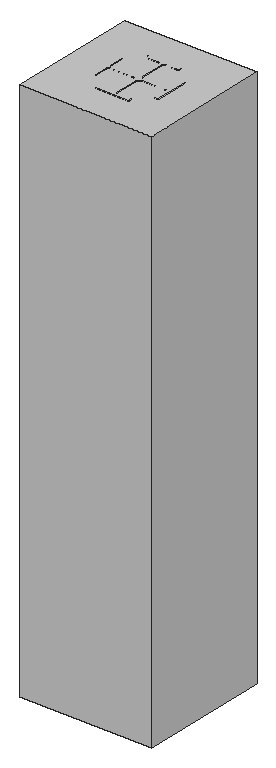
Revit family "SRC - Cruz - Coluna", category Pilares estruturais, Revit 2019
Family settings
  Exibir em vistas ocultas = Arestas ocultadas por outros membros
  Forma do corte = Não definido
  Material para o comportamento do modelo = Concreto
  Exportar sempre como geometria = Não
  Redução da viga na planta = Da caixa de vinculação
  Corte com vazios quando carregada = Não
  Representação simbólica = Das configurações de projeto
  Compartilhado = Não
  Exibir o pré-corte da família na vista da planta = Sim
Parameters (values of type "Padrão")
  ra = 20 mm
  hc [instance] = 600 mm
  d2 = 300 mm
  bf2 = 150 mm
  bc [instance] = 600 mm
  Structural Material [instance] = Concreto - Moldado in loco
  Deslocamento do topo do concreto [instance] = 0 mm
  Material da coluna de aço [instance] = Metal - Aço 345 MPa
  Assembly Code = ""
  A = 0.00 m²
  W = 0
  bf1 = 150 mm
  d1 = 300 mm
  k = 28 mm
  kr = k - tf  # 13 mm
  tf = 15 mm
  tw = 10 mm
Reference planes
  plane 1 "Centro (Frente/Trás)": y = 0
  plane 2: z = 0
  plane 3 "Centro (Esquerda/Direita)": x = 0
  plane 4: x = -75
  plane 5: x = 75
  plane 6: y = 150
  plane 7: y = -150
  plane 8: z = 2500
  plane 9: y = 75
  plane 10: y = -75
  plane 11: x = -150
  plane 12: x = 150
Forms (mm)
  Extrusion 1, solid, material "Metal - Aço 345 MPa" <- "Material da coluna de aço", detail levels medium
    sketch origin (0, 0, 0) x (1, 0, 0) y (0, 1, 0)
      loop
        line (-75, 150) -> (-75, 135) -> (-5, 135) -> (-5, 5) -> (-135, 5) -> (-135, 75) -> (-150, 75) -> (-150, -75) -> (-135, -75) -> (-135, -5) -> (-5, -5) -> (-5, -135) -> (-75, -135) -> (-75, -150) -> (75, -150) -> (75, -135) -> (5, -135) -> (5, -5) -> (135, -5) -> (135, -75) -> (150, -75) -> (150, 75) -> (135, 75) -> (135, 5) -> (5, 5) -> (5, 135) -> (75, 135) -> (75, 150) -> (-75, 150)
    from 0 to 2500
  Extrusion 2, solid, material "Metal - Aço 345 MPa" <- "Material da coluna de aço", detail levels fine
    sketch origin (0, 0, 0) x (1, 0, 0) y (0, 1, 0)
      loop
        line (-75, 150) -> (-75, 135) -> (-18, 135)
        arc (-18, 135) -> (-8.808, 131.192) -> (-5, 122) r 13
        line (-5, 122) -> (-5, 25)
        arc (-5, 25) -> (-10.858, 10.858) -> (-25, 5) r 20
        line (-25, 5) -> (-122, 5)
        arc (-122, 5) -> (-131.192, 8.808) -> (-135, 18) r 13
        line (-135, 18) -> (-135, 75) -> (-150, 75) -> (-150, -75) -> (-135, -75) -> (-135, -18)
        arc (-135, -18) -> (-131.192, -8.808) -> (-122, -5) r 13
        line (-122, -5) -> (-25, -5)
        arc (-25, -5) -> (-10.858, -10.858) -> (-5, -25) r 20
        line (-5, -25) -> (-5, -122)
        arc (-5, -122) -> (-8.808, -131.192) -> (-18, -135) r 13
        line (-18, -135) -> (-75, -135) -> (-75, -150) -> (75, -150) -> (75, -135) -> (18, -135)
        arc (18, -135) -> (8.808, -131.192) -> (5, -122) r 13
        line (5, -122) -> (5, -25)
        arc (5, -25) -> (10.858, -10.858) -> (25, -5) r 20
        line (25, -5) -> (122, -5)
        arc (122, -5) -> (131.192, -8.808) -> (135, -18) r 13
        line (135, -18) -> (135, -75) -> (150, -75) -> (150, 75) -> (135, 75) -> (135, 18)
        arc (135, 18) -> (131.192, 8.808) -> (122, 5) r 13
        line (122, 5) -> (25, 5)
        arc (25, 5) -> (10.858, 10.858) -> (5, 25) r 20
        line (5, 25) -> (5, 122)
        arc (5, 122) -> (8.808, 131.192) -> (18, 135) r 13
        line (18, 135) -> (75, 135) -> (75, 150) -> (-75, 150)
    from 0 to 2500
  Sweep 3, solid, material "Concreto - Moldado in loco" <- "Structural Material", detail levels medium+fine
    path origin (0, 0, 0) x (1, 0, 0) y (0, 0, 1)
      loop
        line (0, 0) -> (0, 2500)
    profile "M_Viga retangular-Perfil : M_Viga retangular-Perfil" origin (0, 0, 1250) x (-1, 0, 0) y (0, -1, 0)
      loop
        line (-300, -300) -> (300, -300) -> (300, 300) -> (-300, 300) -> (-300, -300)
Lines and regions (mm)
  symbolic lines, style "StructuralColumnStickSymbols", detail levels coarse
    curve 1: line (-75, 150, 0) -> (75, 150, 0)
    curve 2: line (-75, -150, 0) -> (75, -150, 0)
    curve 3: line (0, 150, 0) -> (0, -150, 0)
    curve 4: line (-300, 300, 0) -> (300, 300, 0)
    curve 5: line (-300, -300, 0) -> (-300, 300, 0)
    curve 6: line (300, -300, 0) -> (-300, -300, 0)
    curve 7: line (300, 300, 0) -> (300, -300, 0)
    curve 8: line (150, 75, 0) -> (150, -75, 0)
    curve 9: line (-150, 0, 0) -> (150, 0, 0)
    curve 10: line (-150, 75, 0) -> (-150, -75, 0)
Dimensions and locks
  equal spacing: plane 4, plane 3 "Centro (Esquerda/Direita)", plane 5
  equal spacing: plane 7, plane 1 "Centro (Frente/Trás)", plane 6
  "d1": plane 7 to plane 6
  "bf1": plane 4 to plane 5
  "tf": plane 7 to Extrusion 1 sketch curve
  "tf": Extrusion 1 sketch curve to plane 6
  equal spacing: Extrusion 1 sketch curve, plane 3 "Centro (Esquerda/Direita)", Extrusion 1 sketch curve  (x2)
  "tw": Extrusion 1 sketch curve to Extrusion 1 sketch curve  (x4)
  "Deslocamento do topo do concreto": level to plane 8
  equal spacing: plane 9, plane 1 "Centro (Frente/Trás)", plane 10
  "bf2": plane 9 to plane 10
  equal spacing: plane 11, plane 3 "Centro (Esquerda/Direita)", plane 12
  "d2": plane 11 to plane 12
  equal spacing: Extrusion 1 sketch curve, plane 1 "Centro (Frente/Trás)", Extrusion 1 sketch curve  (x2)
  "tf": Extrusion 1 sketch curve to Extrusion 1 sketch curve  (x4)
  "kr": radius of Extrusion 2 sketch curve  (x8)
  "ra": radius of Extrusion 2 sketch curve  (x4)
  aligned and locked: plane 6 to Extrusion 1 sketch curve
  aligned and locked: Extrusion 1 sketch curve to plane 7
  aligned and locked: Extrusion 1 sketch curve to plane 4  (x2)
  aligned and locked: plane 5 to Extrusion 1 sketch curve  (x2)
  aligned and locked: Extrusion 1 sketch curve to Extrusion 1 sketch curve  (x2)
  aligned and locked: level to Extrusion 1
  aligned and locked: level to plane 2
  aligned and locked: Extrusion 1 to plane 2
  aligned and locked: plane 6 to Extrusion 2 sketch curve
  aligned and locked: plane 5 to Extrusion 2 sketch curve  (x2)
  aligned and locked: Extrusion 2 sketch curve to plane 4  (x2)
  aligned and locked: Extrusion 2 sketch curve to Extrusion 1  (x16)
  aligned and locked: Extrusion 2 sketch curve to plane 7
  aligned: Extrusion 2 sketch curve to Extrusion 1
  aligned and locked: level to Extrusion 2
  aligned and locked: Extrusion 2 to level
  aligned and locked: level to Sweep 3 sketch curve
  aligned and locked: plane 8 to Sweep 3 sketch curve
  aligned and locked: plane 3 "Centro (Esquerda/Direita)" to Sweep 3 sketch curve
  aligned and locked: curve 4 to Sweep 3
  aligned and locked: curve 5 to Sweep 3
  aligned and locked: curve 6 to Sweep 3
  aligned and locked: curve 7 to Sweep 3
  aligned and locked: Extrusion 1 sketch curve to plane 11
  aligned and locked: Extrusion 1 sketch curve to plane 12
  aligned and locked: Extrusion 1 sketch curve to plane 9
  aligned and locked: plane 9 to Extrusion 1 sketch curve
  aligned and locked: Extrusion 1 sketch curve to plane 10
  aligned and locked: plane 10 to Extrusion 1 sketch curve
  aligned and locked: Extrusion 1 to Extrusion 2 sketch curve  (x6)
  aligned and locked: plane 1 "Centro (Frente/Trás)" to curve 9
  aligned and locked: plane 12 to curve 9
  aligned and locked: plane 11 to curve 9
  aligned and locked: curve 8 to plane 12
  aligned and locked: curve 10 to plane 11
  aligned and locked: plane 10 to curve 10
  aligned and locked: plane 9 to curve 10
  aligned and locked: plane 10 to curve 8
  aligned and locked: plane 9 to curve 8
  aligned and locked: curve 2 to Extrusion 2  (x2)
  aligned and locked: Extrusion 2 to curve 2
  aligned and locked: curve 1 to Extrusion 2  (x2)
  aligned and locked: Extrusion 2 to curve 1
  aligned and locked: curve 3 to plane 3 "Centro (Esquerda/Direita)"
